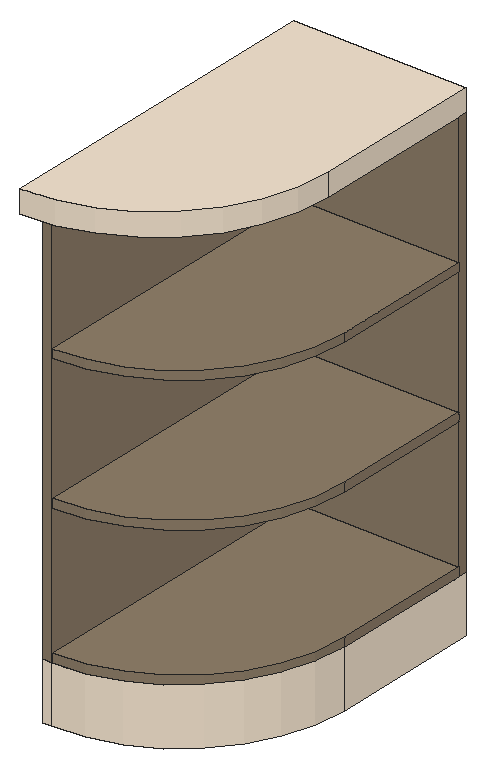
Revit family "Кухня нижние угловые полки", category Мебель, Revit 2019
Family settings
  Номер OmniClass = 23.40.20.00
  Заголовок OmniClass = General Furniture and Specialties
  На основе рабочей плоскости = Нет
  Всегда вертикально = Да
  При загрузке вырезать с полостями = Нет
  Общий = Нет
  Точка расчета площади = Нет
Parameters
  Полки 3шт.   ширина 300мм [instance] = yes
  Полки 2шт.   ширина 300мм [instance] = no
  Материал корпус = Материал корпус кухни
  Материал столешница = Материал столешница кухни
  Изготовитель = "Литвинчук Артур"
  URL = "lytvynchukartur@gmail.com"
Reference planes
  plane 1 "По центру (Вперед/Назад)": y = 0
  plane 2: z = 0
  plane 3 "По центру (Влево/Вправо)": x = 0
  plane 4: y = -550
  plane 5 "По центру Л/Р": y = -15
  plane 6 "По центру Л/С": x = 15
  plane 7: z = 100
  plane 8: z = 820
  plane 9: z = 860
  plane 10: z = 115
  plane 11: z = 467.5
  plane 12: z = 460
  plane 13: z = 475
  plane 14: x = 300
  plane 15: z = 585
  plane 16: z = 350
  plane 17: z = 577.5
  plane 18: z = 592.5
  plane 19: z = 342.5
  plane 20: z = 357.5
Forms (mm)
  Extrusion 1, solid, material "Материал корпус кухни" <- "Материал корпус"
    sketch origin (0, 0, 0) x (1, 0, 0) y (0, 1, 0)
      loop
        line (0, -550) -> (15, -550) -> (15, -15) -> (300, -15) -> (300, 0) -> (0, 0) -> (0, -550)
    from 100 to 820
  Extrusion 2, solid, material "Материал корпус кухни" <- "Материал корпус"
    sketch origin (0, 0, 0) x (1, 0, 0) y (0, 1, 0)
      loop
        line (15, -15) -> (15, -550)
        arc (15, -550) -> (216.525, -466.525) -> (300, -265) r 285
        line (300, -265) -> (300, -15) -> (15, -15)
    from 100 to 115
  Extrusion 3, solid, material "Материал цоколь кухни"
    sketch origin (1223.835, 183.771, 0) x (1, 0, 0) y (0, 1, 0)
      loop
        arc (-1208.835, -733.771) -> (-1007.31, -650.296) -> (-923.835, -448.771) r 285
        line (-923.835, -448.771) -> (-923.835, -183.771) -> (-938.835, -183.771) -> (-938.835, -448.771)
        arc (-938.835, -448.771) -> (-1017.917, -639.69) -> (-1208.835, -718.771) r 270
        line (-1208.835, -718.771) -> (-1223.835, -718.771) -> (-1223.835, -733.771) -> (-1208.835, -733.771)
    from 0 to 100
  Extrusion 4, solid, material "Материал столешница кухни" <- "Материал столешница"
    sketch origin (1223.835, 183.771, 0) x (1, 0, 0) y (0, 1, 0)
      loop
        line (-1223.835, -183.771) -> (-1223.835, -783.771)
        arc (-1223.835, -783.771) -> (-1011.703, -695.903) -> (-923.835, -483.771) r 300
        line (-923.835, -483.771) -> (-923.835, -183.771) -> (-1223.835, -183.771)
    from 820 to 860
  Extrusion 5, solid, material "Материал корпус кухни" <- "Материал корпус", visible <- "Полки 2шт.   ширина 300мм"
    sketch origin (0, 0, 0) x (1, 0, 0) y (0, 1, 0)
      loop
        line (15, -15) -> (15, -550)
        arc (15, -550) -> (216.525, -466.525) -> (300, -265) r 285
        line (300, -265) -> (300, -15) -> (15, -15)
    from 460 to 475
  Extrusion 6, solid, material "Материал корпус кухни" <- "Материал корпус", visible <- "Полки 3шт.   ширина 300мм"
    sketch origin (0, 0, 0) x (1, 0, 0) y (0, 1, 0)
      loop
        line (15, -15) -> (15, -550)
        arc (15, -550) -> (216.525, -466.525) -> (300, -265) r 285
        line (300, -265) -> (300, -15) -> (15, -15)
    from 577.5 to 592.5
  Extrusion 7, solid, material "Материал корпус кухни" <- "Материал корпус", visible <- "Полки 3шт.   ширина 300мм"
    sketch origin (0, 0, 0) x (1, 0, 0) y (0, 1, 0)
      loop
        line (15, -15) -> (15, -550)
        arc (15, -550) -> (216.525, -466.525) -> (300, -265) r 285
        line (300, -265) -> (300, -15) -> (15, -15)
    from 342.5 to 357.5
Dimensions and locks
  plane 4 to plane 1 "По центру (Вперед/Назад)" = 550 mm
  plane 9 to plane 8 to plane 7 to level = 40 mm locked, 720 mm locked, 100 mm locked
  locked: plane 10 to plane 7 at 15
  equal spacing: plane 8, plane 11, plane 10
  plane 3 "По центру (Влево/Вправо)" to plane 14 = 300 mm
  equal spacing: plane 8, plane 15, plane 16, plane 10
  plane 20 to plane 16 to plane 19 = 7.5 mm locked, 7.5 mm locked
  plane 18 to plane 15 to plane 17 = 7.5 mm locked, 7.5 mm locked
  aligned and locked: level to plane 2
  aligned and locked: plane 3 "По центру (Влево/Вправо)" to Extrusion 1 sketch curve
  aligned and locked: plane 1 "По центру (Вперед/Назад)" to Extrusion 1 sketch curve
  aligned and locked: Extrusion 1 sketch curve to plane 5 "По центру Л/Р"
  aligned and locked: plane 4 to Extrusion 1 sketch curve
  aligned and locked: Extrusion 1 sketch curve to plane 6 "По центру Л/С"
  aligned and locked: Extrusion 2 to plane 7
  aligned and locked: plane 10 to Extrusion 2
  aligned and locked: Extrusion 4 to Extrusion 1
  aligned and locked: plane 13 to Extrusion 5
  aligned and locked: Extrusion 5 to plane 12
  aligned and locked: Extrusion 7 to plane 19
  aligned and locked: plane 18 to Extrusion 6
  aligned and locked: Extrusion 6 to plane 17
  aligned and locked: plane 20 to Extrusion 7
Automatic sketch dimensions
  Extrusion 1 sketch curve to plane 14 = 0 mm
  Extrusion 2 sketch curve to plane 4 = 0 mm
  Extrusion 2 sketch curve to plane 6 "По центру Л/С" = 0 mm
  Extrusion 2 sketch curve to plane 14 = 0 mm
  plane 5 "По центру Л/Р" to Extrusion 2 sketch curve = 0 mm
  Extrusion 3 sketch curve to Extrusion 3 sketch curve = 0 mm  (x2)
  Extrusion 3 sketch curve to plane 3 "По центру (Влево/Вправо)" = 0 mm
  Extrusion 3 sketch curve to plane 6 "По центру Л/С" = 0 mm
  plane 1 "По центру (Вперед/Назад)" to Extrusion 3 sketch curve = 0 mm
  Extrusion 3 sketch curve to plane 14 = 0 mm
  Extrusion 3 sketch curve to plane 4 = 0 mm
  Extrusion 3 sketch curve to Extrusion 3 sketch curve = 15 mm
  Extrusion 4 sketch curve to plane 3 "По центру (Влево/Вправо)" = 0 mm
  Extrusion 4 sketch curve to plane 14 = 0 mm
  plane 1 "По центру (Вперед/Назад)" to Extrusion 4 sketch curve = 0 mm
  plane 4 to Extrusion 4 sketch curve = 250 mm
  Extrusion 5 sketch curve to plane 4 = 0 mm
  Extrusion 5 sketch curve to plane 6 "По центру Л/С" = 0 mm
  Extrusion 5 sketch curve to plane 14 = 0 mm
  plane 5 "По центру Л/Р" to Extrusion 5 sketch curve = 0 mm
  Extrusion 6 sketch curve to plane 4 = 0 mm
  plane 5 "По центру Л/Р" to Extrusion 6 sketch curve = 0 mm
  Extrusion 6 sketch curve to plane 14 = 285 mm
  plane 5 "По центру Л/Р" to Extrusion 6 sketch curve = 250 mm
  Extrusion 7 sketch curve to plane 4 = 0 mm
  plane 5 "По центру Л/Р" to Extrusion 7 sketch curve = 0 mm
  Extrusion 7 sketch curve to plane 14 = 285 mm
  plane 5 "По центру Л/Р" to Extrusion 7 sketch curve = 250 mm
